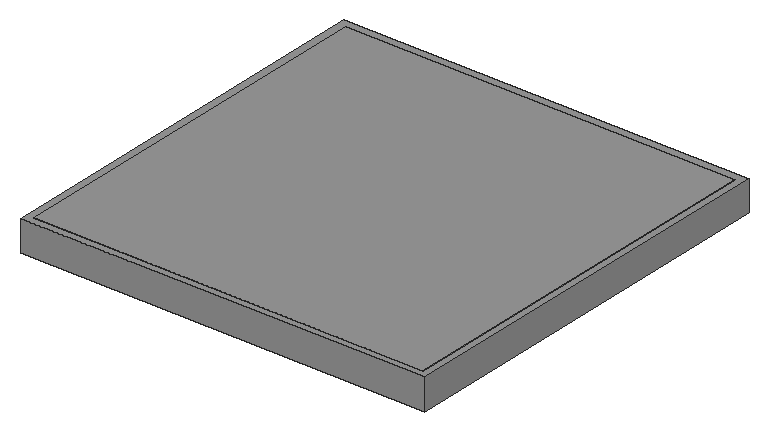
Revit family "ДВО-09 30 Вт Грильято DALI", category Осветительные приборы, Revit 2019 (continued)
Types (6, lengths in mm): name | Эффективность светильника | Файл фотометрической сетки | Тип рассеивателя | Световой поток модуля | built-in parameter 1150142 | Wattage | built-in parameter 1114217 | built-in parameter 1150134 | Lumens | built-in parameter 1150105 | Категория по ограничению яркости | built-in parameter 1150107 | built-in parameter 1150106 | Габаритная яркость | Артикул | URL
    3.2 433.1 432.9 432.7 432.4 432.1 431.8 431.4 431.1 430.8 430.4 429.9 429.3 428.9 428.3 427.7 427 426.4 425.7 424.9 424.2 423.4 422.6 421.7 420.8 420 418.9 417.9 416.7 415.7 414.4 413.2 411.7 410.5 409 407.7 405.9 404.5 402.7 401 399.2 397.4 395.2 393.5 391.2 389.1 386.6 384.2 381.6 379 375.9 373.2 370 367.1 363.4 360.2 356.5 353.1 349.1 345.7 341.6 338.1 333.8 330.2 326 322.4 317.9 314.3 310 306.4 302 298.4 294.3 290.9 286.6 283.3 279.2 275.8 271.8 268.2 264.3 260.7 256.5 252.9 248.8 245.2 240.8 237 232.7 229 224.7 221 216.7 212.8 208.6 204.9 200.6 196.7 192.4 188.6 184.2 180 175.4 171.2 166.5 162.1 157.2 152.8 147.8 143.5 138.5 134.3 129.5 125.3 120.8 117 112.6 108.7 104.7 101.2 97.4 93.9 90.3 87.1 83.6 80.6 77.2 74.4 71.3 68.5 65.7 63.2 60.6 58.5 56.2 54.4 52.3 50.7 49 47.5 46 44.7 43.6 42.7 41.5 40.7 39.8 38.9 38 37.1 36.1 35.2 34.2 33.2 32.1 31.2 30.1 29.1 28.1 27.3 26.2 25.3 24.2 23.1 21.8 20.5 18.9 17.4 15.6 14 12.3 10.8 9.1 7.7 6.2 5.2 4.1 3.6 3.3\r\n433.6 433.6 433.5 433.4 433.3 433.1 432.8 432.4 432.1 431.8 431.5 431.1 430.8 430.4 429.8 429.4 428.9 428.3 427.7 427.1 426.3 425.6 424.9 424.1 423.3 422.4 421.4 420.7 419.6 418.5 417.4 416.4 415.2 414.1 412.6 411.4 409.9 408.5 406.9 405.4 403.7 402.1 400.3 398.6 396.5 394.7 392.5 390.4 387.9 385.7 383.1 380.6 377.6 374.9 371.8 368.9 365.2 362.1 358.3 354.9 350.8 347.2 343 339.2 334.6 330.8 326.2 322.3 317.6 313.6 309.1 305.2 300.5 296.7 292.3 288.5 283.9 280.1 275.7 271.8 267.3 263.4 259 255.1 250.6 246.6 242.3 238.4 233.8 230 225.6 221.7 217.4 213.6 209.3 205.5 201.3 197.7 193.5 189.7 185.6 182 177.9 174.2 170 166.4 162.2 158.4 154.3 150.6 146.4 142.6 138.4 134.8 130.7 126.9 122.9 119.4 115.4 111.8 108 104.6 100.9 97.5 93.9 90.8 87.3 84.3 81 78.1 75 72.3 69.4 66.9 64.2 61.9 59.4 57.4 55.1 53.3 51.4 49.8 48.1 46.7 45.3 44.1 42.8 41.8 40.7 39.7 38.6 37.7 36.6 35.8 34.7 33.7 32.7 31.7 30.6 29.6 28.5 27.6 26.4 25.4 24.1 23 21.6 20.3 18.7 17.3 15.6 14.1 12.5 11.1 9.4 8.1 6.8 5.8 4.8 4.2 3.8\r\n433.7 433.7 433.8 433.8 433.7 433.4 433.2 432.8 432.5 432.2 431.9 431.5 431.2 430.8 430.3 429.9 429.5 428.9 428.3 427.7 427 426.3 425.6 424.8 423.9 423.2 422.1 421.3 420.2 419.2 418.2 417.1 416 414.9 413.5 412.3 410.9 409.4 407.8 406.4 404.7 403.2 401.4 399.8 397.7 395.9 393.8 391.8 389.2 387.2 384.6 382.2 379.2 376.6 373.5 370.7 367.1 363.9 360.2 356.7 352.5 348.7 344.3 340.3 335.5 331.3 326.5 322.3 317.2 313 308.3 304 299.1 295 290.2 286.1 281.1 276.9 272.1 267.8 262.8 258.6 253.7 249.6 244.6 240.3 235.8 231.7 226.9 223 218.5 214.5 210.1 206.2 202 198.1 194 190.4 186.3 182.7 178.8 175.4 171.6 168.3 164.6 161.5 158 154.8 151.3 148.4 144.9 141.7 138.3 135.3 131.8 128.5 125 121.9 118.2 114.9 111.2 108 104.4 101.1 97.6 94.5 91 88 84.7 81.9 78.8 76.1 73.1 70.6 67.7 65.3 62.7 60.5 57.9 55.9 53.8 52.1 50.2 48.6 47 45.6 44.1 42.9 41.7 40.5 39.3 38.3 37.2 36.3 35.2 34.3 33.2 32.2 31.1 30.1 28.9 27.8 26.6 25.5 24.1 22.9 21.4 20 18.5 17.2 15.6 14.2 12.6 11.3 9.8 8.4 7.3 6.3 5.5 4.8 4.3\r\n433.6 433.5 433.5 433.4 433.2 433 432.7 432.4 432.1 431.8 431.3 431 430.5 430.1 429.6 429.1 428.6 428 427.4 426.8 426 425.3 424.6 423.8 422.9 422.1 421 420.2 419.1 418.1 416.9 415.9 414.6 413.4 412 410.7 409.2 407.7 406 404.6 402.9 401.2 399.4 397.8 395.8 394 391.9 390 387.6 385.6 383.1 380.8 378 375.5 372.5 369.8 366.4 363.5 359.8 356.6 352.5 348.9 344.6 340.7 335.9 331.7 326.9 322.6 317.4 312.9 308 303.5 298.3 293.9 288.9 284.6 279.5 275.2 270.3 266.1 261.2 257.1 252.3 248.3 243.6 239.5 235.1 231.2 226.5 222.7 218.3 214.3 209.9 206.1 201.8 197.9 193.7 190.1 185.9 182.1 178 174.5 170.5 166.9 163 159.7 155.9 152.6 148.9 145.7 142.1 138.7 135.2 132.1 128.6 125.3 121.8 118.8 115.2 112.1 108.6 105.5 102.1 99 95.7 92.8 89.6 86.7 83.6 81 78 75.4 72.5 70.1 67.3 64.9 62.3 60.1 57.5 55.5 53.2 51.3 49.2 47.5 45.7 44.1 42.4 41 39.5 38.2 36.8 35.6 34.4 33.3 32.1 31 29.8 28.8 27.6 26.5 25.3 24.2 22.9 21.9 20.5 19.4 18 16.7 15.4 14.2 12.7 11.5 10.1 9 7.7 6.7 5.8 5.2 4.6 4.1 3.8\r\n433.4 433.2 433.1 432.9 432.7 432.5 432.2 432 431.6 431.3 430.8 430.5 429.9 429.4 428.8 428.4 427.8 427.1 426.4 425.8 425 424.3 423.6 422.7 421.9 421 419.9 419 417.9 417 415.6 414.6 413.2 412 410.4 409.1 407.5 405.9 404.3 402.7 401 399.2 397.4 395.8 393.9 392 390 388.2 385.9 383.9 381.5 379.4 376.7 374.4 371.5 369 365.7 363 359.5 356.5 352.5 349 344.9 341 336.3 332.2 327.3 322.9 317.5 312.9 307.6 303 297.5 292.8 287.6 283.2 277.8 273.4 268.5 264.4 259.6 255.5 251 247.1 242.6 238.7 234.4 230.6 226.2 222.3 218.1 214 209.8 206 201.7 197.8 193.5 189.7 185.4 181.5 177.3 173.5 169.3 165.6 161.5 157.9 153.9 150.3 146.4 143 139.2 135.8 132.1 128.9 125.3 122.1 118.7 115.7 112.2 109.2 105.9 103 99.8 97 93.8 91.1 88.2 85.4 82.5 80 77.2 74.6 71.9 69.6 66.9 64.6 62 59.7 57.2 55 52.6 50.5 48.2 46.3 44.3 42.5 40.6 39 37.3 36 34.3 33 31.6 30.3 29 27.8 26.5 25.4 24.1 22.9 21.7 20.6 19.3 18.2 17 15.9 14.6 13.4 12.2 11.1 9.8 8.7 7.6 6.6 5.7 5 4.3 4 3.7 3.5 3.4\r\n433.4 433.3 433.1 433 432.7 432.5 432.2 432 431.6 431.2 430.8 430.5 430 429.6 429.1 428.6 428.1 427.4 426.7 426 425.3 424.5 423.7 422.8 422 421.1 420.1 419.2 418.1 417.1 415.9 414.8 413.5 412.3 410.9 409.6 408.1 406.6 405 403.5 401.8 400.1 398.3 396.6 394.5 392.6 390.6 388.6 386.2 384.1 381.7 379.4 376.5 373.9 370.9 368.2 364.7 361.7 358.1 354.9 350.9 347.4 343.3 339.6 335.1 331.1 326.6 322.5 317.6 313.4 308.5 304.2 299.2 294.9 290 285.8 280.7 276.6 271.9 267.9 263.1 259.2 254.7 250.9 246.3 242.6 238.2 234.5 230 226.2 221.9 217.9 213.7 210 205.7 201.8 197.5 193.9 189.6 185.9 181.7 178 173.8 170 165.9 162.2 157.9 154.2 149.9 146.2 142 138.2 134 130.4 126.3 122.6 118.6 115.2 111.4 108 104.3 101.2 97.7 94.5 91.2 88.3 85.2 82.3 79.2 76.6 73.7 71.1 68.4 66.1 63.4 61.1 58.7 56.6 54.2 52.3 50.2 48.4 46.4 44.8 43.2 41.7 40.2 38.8 37.5 36.4 35.1 34 32.8 31.8 30.6 29.6 28.4 27.4 26.2 25.2 24.1 23.1 21.9 20.8 19.6 18.5 17.2 16 14.6 13.4 12 10.8 9.4 8.2 7 6 5 4.4 3.8 3.5 3.3\r\n433.4 433.4 433.2 433.1 432.8 432.5 432.2 431.9 431.6 431.2 430.8 430.5 430.2 429.8 429.4 428.8 428.3 427.7 426.9 426.2 425.5 424.7 423.8 422.9 422.2 421.2 420.2 419.3 418.3 417.2 416.2 415 413.9 412.7 411.3 410.1 408.7 407.3 405.7 404.2 402.6 400.9 399.1 397.3 395.2 393.3 391.1 389.1 386.6 384.3 381.8 379.3 376.2 373.5 370.3 367.3 363.7 360.4 356.7 353.4 349.3 345.8 341.8 338.2 333.9 330.1 325.9 322.2 317.6 313.8 309.4 305.5 300.9 297 292.4 288.4 283.6 279.8 275.3 271.3 266.6 262.8 258.4 254.6 250.1 246.4 242.1 238.4 233.9 230.1 225.7 221.8 217.6 213.9 209.6 205.8 201.6 198.1 193.9 190.2 186.1 182.5 178.4 174.5 170.3 166.4 162 158 153.4 149.4 144.8 140.5 135.9 131.8 127.3 123.1 118.6 114.8 110.6 106.7 102.8 99.3 95.5 92.1 88.6 85.5 82.1 79.1 75.9 73.3 70.3 67.6 64.8 62.5 59.8 57.7 55.4 53.5 51.2 49.6 47.7 46.3 44.5 43.3 42 40.9 39.7 38.7 37.7 36.9 35.9 35 34.1 33.2 32.2 31.4 30.3 29.4 28.4 27.5 26.4 25.6 24.4 23.4 22.2 21.1 19.7 18.5 17.1 15.7 14.2 12.8 11.3 9.8 8.2 7 5.7 4.8 4 3.5 3.3\r\n433.4 433.4 433.2 433.1 432.8 432.6 432.3 432 431.7 431.3 431 430.6 430.3 429.8 429.4 428.9 428.3 427.7 426.9 426.3 425.6 424.8 424 423.2 422.4 421.5 420.5 419.6 418.6 417.5 416.4 415.4 414.1 412.9 411.5 410.3 408.9 407.5 405.8 404.3 402.6 401 399.1 397.3 395.2 393.4 391.2 389.1 386.6 384.3 381.7 379.2 376.1 373.4 370.2 367.2 363.5 360.3 356.6 353.2 349.2 345.7 341.7 338.1 333.8 330.2 325.9 322.3 317.7 314.1 309.7 305.9 301.4 297.7 293.4 289.7 285.1 281.5 277.3 273.6 269.2 265.5 261.3 257.7 253.3 249.6 245.4 241.8 237.3 233.5 229.2 225.4 221.1 217.5 213.1 209.3 205.1 201.5 197.2 193.5 189.2 185.5 181.3 177.3 172.8 168.8 164.2 160 155.3 151.1 146.3 142 137.2 133.1 128.4 124.2 119.7 115.9 111.6 107.7 103.7 100.2 96.4 93 89.4 86.3 82.9 79.9 76.6 73.8 70.8 68.1 65.3 62.9 60.2 58.1 55.8 53.9 51.8 50.1 48.4 46.9 45.3 44 42.8 41.8 40.6 39.7 38.7 37.9 36.9 36.1 35.1 34.2 33.2 32.3 31.2 30.3 29.2 28.3 27.3 26.4 25.3 24.3 23.2 22.1 20.8 19.5 18 16.6 14.9 13.4 11.8 10.3 8.7 7.4 6 5 4 3.5 3.3\r\n433.4 433.4 433.2 433.1 432.9 432.7 432.4 432.1 431.8 431.4 431.1 430.8 430.4 429.9 429.3 428.9 428.3 427.7 427 426.4 425.7 424.9 424.2 423.4 422.6 421.7 420.8 420 418.9 417.9 416.7 415.7 414.3 413.2 411.7 410.5 409 407.7 405.9 404.5 402.7 401 399.2 397.4 395.3 393.5 391.3 389.1 386.6 384.3 381.6 379 375.9 373.2 370 367.1 363.4 360.2 356.5 353.1 349.1 345.7 341.6 338.1 333.8 330.2 326 322.4 317.9 314.3 310 306.4 302 298.4 294.3 290.9 286.6 283.3 279.2 275.8 271.8 268.2 264.3 260.7 256.5 252.9 248.8 245.2 240.8 237 232.7 229 224.6 221 216.7 212.8 208.6 204.9 200.6 196.7 192.4 188.6 184.2 180 175.4 171.2 166.5 162.1 157.2 152.8 147.8 143.5 138.5 134.3 129.5 125.3 120.8 117 112.6 108.7 104.7 101.2 97.4 93.9 90.3 87.1 83.7 80.6 77.2 74.4 71.3 68.5 65.7 63.2 60.6 58.5 56.2 54.4 52.3 50.7 49 47.4 46 44.7 43.6 42.7 41.5 40.7 39.8 38.9 38 37.1 36.1 35.2 34.2 33.2 32.1 31.2 30.1 29.1 28.1 27.3 26.2 25.3 24.2 23.1 21.8 20.5 18.9 17.4 15.6 14.1 12.3 10.8 9.1 7.7 6.2 5.2 4.1 3.6 3.3\r\n433.6 433.6 433.5 433.4 433.3 433.1 432.8 432.4 432.1 431.8 431.5 431.1 430.8 430.4 429.8 429.4 428.9 428.3 427.7 427.1 426.3 425.6 424.9 424.1 423.3 422.5 421.4 420.7 419.6 418.5 417.4 416.4 415.2 414.1 412.6 411.4 409.9 408.5 406.9 405.4 403.7 402.1 400.3 398.6 396.5 394.7 392.5 390.4 387.9 385.7 383.1 380.6 377.6 374.9 371.8 368.9 365.2 362.1 358.3 354.9 350.8 347.2 343 339.2 334.6 330.8 326.2 322.3 317.6 313.6 309.1 305.2 300.5 296.7 292.3 288.5 283.9 280.1 275.7 271.8 267.3 263.4 259 255.1 250.6 246.6 242.3 238.4 233.8 230 225.6 221.7 217.4 213.6 209.3 205.5 201.3 197.7 193.5 189.7 185.6 182 177.9 174.2 170 166.4 162.2 158.4 154.3 150.6 146.4 142.6 138.4 134.8 130.7 126.9 122.9 119.4 115.4 111.8 108 104.6 100.9 97.5 93.9 90.8 87.3 84.3 81 78.1 75 72.3 69.4 66.9 64.2 61.9 59.5 57.4 55.1 53.3 51.4 49.8 48.1 46.7 45.3 44.1 42.8 41.8 40.7 39.7 38.6 37.7 36.6 35.8 34.7 33.7 32.7 31.7 30.6 29.6 28.5 27.5 26.4 25.4 24.1 23 21.6 20.3 18.7 17.3 15.6 14.1 12.5 11.1 9.5 8.1 6.8 5.8 4.8 4.2 3.8\r\n433.7 433.7 433.8 433.8 433.7 433.4 433.2 432.8 432.5 432.2 431.9 431.5 431.2 430.8 430.3 429.9 429.5 428.9 428.3 427.7 427 426.3 425.6 424.8 423.9 423.2 422.1 421.3 420.2 419.2 418.2 417.1 416 414.9 413.5 412.3 410.9 409.4 407.8 406.4 404.7 403.2 401.4 399.8 397.7 395.9 393.8 391.8 389.2 387.2 384.6 382.2 379.2 376.6 373.5 370.7 367.1 363.9 360.2 356.7 352.5 348.7 344.3 340.3 335.5 331.3 326.5 322.3 317.2 313 308.3 304 299.1 295 290.2 286.1 281.1 276.9 272.1 267.8 262.8 258.6 253.7 249.6 244.6 240.3 235.8 231.7 226.9 223 218.5 214.5 210.1 206.2 202 198.1 194 190.4 186.3 182.7 178.8 175.4 171.6 168.3 164.6 161.5 158 154.8 151.3 148.4 144.9 141.7 138.3 135.3 131.8 128.5 125 121.9 118.2 114.9 111.2 108 104.4 101.1 97.6 94.5 91 88 84.7 81.9 78.8 76.1 73.1 70.6 67.7 65.3 62.7 60.5 57.9 55.9 53.8 52.1 50.2 48.6 47 45.6 44.1 42.9 41.7 40.5 39.3 38.3 37.2 36.3 35.2 34.3 33.2 32.2 31.1 30.1 28.9 27.8 26.6 25.5 24.1 22.9 21.4 20 18.5 17.2 15.6 14.2 12.6 11.3 9.8 8.4 7.3 6.3 5.5 4.8 4.3\r\n433.6 433.5 433.5 433.4 433.2 433 432.7 432.4 432.1 431.8 431.3 431 430.5 430.1 429.6 429.1 428.6 428 427.4 426.8 426 425.3 424.6 423.8 422.9 422.1 421 420.2 419.1 418.1 416.9 415.9 414.6 413.4 412 410.7 409.2 407.7 406 404.6 402.9 401.2 399.4 397.8 395.8 394 391.9 390 387.6 385.6 383.1 380.8 378 375.5 372.5 369.8 366.4 363.5 359.8 356.6 352.5 348.9 344.6 340.7 335.9 331.7 326.9 322.6 317.4 312.9 308 303.5 298.3 293.9 288.9 284.6 279.5 275.2 270.3 266.1 261.2 257.1 252.3 248.3 243.6 239.5 235.1 231.2 226.5 222.7 218.3 214.3 209.9 206.1 201.8 197.9 193.7 190.1 185.9 182.1 178 174.5 170.5 166.9 163 159.7 155.9 152.6 148.9 145.7 142.1 138.7 135.2 132.1 128.6 125.3 121.8 118.8 115.2 112.1 108.6 105.5 102.1 99 95.7 92.8 89.6 86.7 83.6 81 78 75.4 72.5 70.1 67.3 64.9 62.3 60.1 57.5 55.5 53.2 51.3 49.2 47.5 45.7 44.1 42.4 41 39.5 38.2 36.8 35.6 34.4 33.3 32.1 31 29.8 28.8 27.6 26.5 25.3 24.2 22.9 21.9 20.5 19.4 18 16.7 15.4 14.2 12.7 11.5 10.1 9 7.7 6.7 5.8 5.2 4.6 4.1 3.8\r\n433.4 433.2 433.1 432.9 432.7 432.5 432.2 432 431.6 431.3 430.8 430.5 429.9 429.4 428.8 428.4 427.8 427.1 426.4 425.8 425 424.3 423.6 422.7 421.9 421 419.9 419 417.9 417 415.6 414.6 413.2 412 410.4 409.1 407.5 405.9 404.3 402.7 401 399.2 397.4 395.8 393.9 392 390 388.2 385.9 383.9 381.5 379.4 376.7 374.4 371.5 369 365.7 363 359.5 356.5 352.5 349 344.9 341 336.3 332.2 327.3 322.9 317.5 312.9 307.6 303 297.5 292.8 287.6 283.2 277.8 273.4 268.5 264.4 259.6 255.5 251 247.1 242.6 238.7 234.4 230.6 226.2 222.3 218.1 214 209.8 206 201.7 197.8 193.5 189.7 185.4 181.5 177.3 173.5 169.3 165.6 161.5 157.9 153.9 150.3 146.4 143 139.2 135.8 132.1 128.9 125.3 122.1 118.7 115.7 112.2 109.2 105.9 103 99.8 97 93.8 91.1 88.2 85.4 82.5 80 77.2 74.6 71.9 69.6 66.9 64.6 62 59.7 57.2 55 52.6 50.5 48.2 46.3 44.3 42.5 40.6 39 37.3 36 34.3 33 31.6 30.3 29 27.8 26.5 25.4 24.1 22.9 21.7 20.6 19.3 18.2 17 15.9 14.6 13.4 12.2 11.1 9.8 8.7 7.6 6.6 5.7 5 4.3 4 3.7 3.5 3.4\r\n433.4 433.3 433.1 433 432.7 432.5 432.2 432 431.6 431.2 430.8 430.5 430 429.6 429.1 428.6 428.1 427.4 426.7 426 425.3 424.5 423.7 422.8 422 421.1 420.1 419.2 418.1 417.1 415.9 414.8 413.5 412.3 410.9 409.6 408.1 406.6 405 403.5 401.8 400.1 398.3 396.6 394.5 392.6 390.6 388.6 386.2 384.1 381.7 379.4 376.5 373.9 370.9 368.2 364.7 361.7 358.1 354.9 350.9 347.4 343.3 339.6 335.1 331.1 326.6 322.5 317.6 313.4 308.5 304.2 299.2 294.9 290 285.8 280.7 276.6 271.9 267.9 263.1 259.2 254.7 250.9 246.3 242.6 238.2 234.5 230 226.2 221.9 217.9 213.7 210 205.7 201.8 197.5 193.9 189.6 185.9 181.7 178 173.8 170 165.9 162.2 157.9 154.2 149.9 146.2 142 138.2 134 130.4 126.3 122.6 118.6 115.2 111.4 108 104.3 101.2 97.7 94.5 91.2 88.3 85.2 82.3 79.2 76.6 73.7 71.1 68.4 66.1 63.4 61.1 58.7 56.6 54.2 52.3 50.2 48.4 46.4 44.8 43.2 41.7 40.2 38.8 37.5 36.4 35.1 34 32.8 31.8 30.6 29.6 28.4 27.4 26.2 25.2 24.1 23.1 21.9 20.8 19.6 18.5 17.2 16 14.6 13.4 12 10.8 9.4 8.2 7 6 5 4.4 3.8 3.5 3.3\r\n433.4 433.4 433.2 433.1 432.8 432.5 432.2 431.9 431.6 431.2 430.8 430.5 430.2 429.8 429.4 428.8 428.3 427.7 426.9 426.2 425.5 424.7 423.8 422.9 422.2 421.2 420.2 419.3 418.3 417.2 416.2 415 413.9 412.7 411.3 410.1 408.7 407.3 405.7 404.2 402.6 400.9 399.1 397.3 395.2 393.3 391.1 389.1 386.6 384.3 381.8 379.3 376.2 373.5 370.3 367.3 363.7 360.4 356.7 353.4 349.3 345.8 341.8 338.2 333.9 330.1 325.9 322.2 317.6 313.8 309.4 305.5 300.9 297 292.4 288.4 283.6 279.8 275.3 271.3 266.6 262.8 258.4 254.6 250.1 246.4 242.1 238.4 233.9 230.1 225.7 221.8 217.6 213.9 209.6 205.8 201.6 198.1 193.9 190.2 186.1 182.5 178.4 174.5 170.3 166.4 162 158 153.4 149.4 144.8 140.5 135.9 131.8 127.3 123.1 118.6 114.8 110.6 106.7 102.8 99.3 95.5 92.1 88.6 85.5 82.1 79.1 75.9 73.3 70.3 67.6 64.8 62.5 59.8 57.7 55.4 53.5 51.2 49.6 47.7 46.3 44.5 43.3 42 40.9 39.7 38.7 37.7 36.9 35.9 35 34.1 33.2 32.2 31.4 30.3 29.4 28.4 27.5 26.4 25.6 24.4 23.4 22.2 21.1 19.7 18.5 17.1 15.7 14.2 12.8 11.3 9.8 8.2 7 5.7 4.8 4 3.5 3.3\r\n433.4 433.4 433.2 433.1 432.8 432.6 432.3 432 431.7 431.3 431 430.6 430.3 429.8 429.4 428.9 428.3 427.7 426.9 426.3 425.6 424.8 424 423.2 422.4 421.5 420.5 419.7 418.6 417.5 416.4 415.4 414.1 412.9 411.5 410.3 408.9 407.5 405.8 404.3 402.6 401 399.1 397.3 395.2 393.4 391.2 389.1 386.6 384.3 381.7 379.2 376.1 373.4 370.2 367.2 363.5 360.3 356.6 353.2 349.2 345.7 341.7 338.1 333.8 330.2 325.9 322.3 317.7 314.1 309.7 305.9 301.4 297.7 293.4 289.7 285.1 281.5 277.3 273.6 269.2 265.5 261.3 257.7 253.3 249.6 245.4 241.8 237.3 233.6 229.2 225.4 221.1 217.5 213.2 209.3 205.1 201.5 197.2 193.5 189.2 185.5 181.3 177.3 172.8 168.8 164.2 160 155.3 151.1 146.3 142 137.2 133 128.4 124.2 119.7 115.9 111.6 107.7 103.7 100.2 96.4 93 89.4 86.3 82.9 79.9 76.6 73.8 70.8 68.1 65.2 62.9 60.2 58.1 55.8 53.9 51.8 50.1 48.4 46.9 45.3 44 42.8 41.8 40.6 39.7 38.7 37.9 36.9 36.1 35.1 34.2 33.2 32.3 31.2 30.3 29.2 28.3 27.3 26.4 25.3 24.3 23.2 22.1 20.8 19.5 18 16.6 14.9 13.4 11.8 10.3 8.7 7.4 6 5 4 3.6 3.3\r\n433.4 433.4 433.2 433.1 432.9 432.7 432.4 432.1 431.8 431.4 431.1 430.8 430.4 429.9 429.3 428.9 428.3 427.7 427 426.4 425.7 424.9 424.2 423.4 422.6 421.7 420.8 420 418.9 417.9 416.7 415.7 414.4 413.2 411.7 410.5 409 
    407.7 405.9 404.5 402.7 401 399.2 397.4 395.2 393.5 391.2 389.1 386.6 384.2 381.6 379 375.9 373.2 370 367.1 363.4 360.2 356.5 353.1 349.1 345.7 341.6 338.1 333.8 330.2 326 322.4 317.9 314.3 310 306.4 302 298.4 294.3 290.9 286.6 283.3 279.2 275.8 271.8 268.2 264.3 260.7 256.5 252.9 248.8 245.2 240.8 237 232.7 229 224.7 221 216.7 212.8 208.6 204.9 200.6 196.7 192.4 188.6 184.2 180 175.4 171.2 166.5 162.1 157.2 152.8 147.8 143.5 138.5 134.3 129.5 125.3 120.8 117 112.6 108.7 104.7 101.2 97.4 93.9 90.3 87.1 83.6 80.6 77.2 74.4 71.3 68.5 65.7 63.2 60.6 58.5 56.2 54.4 52.3 50.7 49 47.5 46 44.7 43.6 42.7 41.5 40.7 39.8 38.9 38 37.1 36.1 35.2 34.2 33.2 32.1 31.2 30.1 29.1 28.1 27.3 26.2 25.3 24.2 23.1 21.8 20.5 18.9 17.4 15.6 14 12.3 10.8 9.1 7.7 6.2 5.2 4.1 3.6 3.3\r\n433.6 433.6 433.5 433.4 433.3 433.1 432.8 432.4 432.1 431.8 431.5 431.1 430.8 430.4 429.8 429.4 428.9 428.3 427.7 427.1 426.3 425.6 424.9 424.1 423.3 422.4 421.4 420.7 419.6 418.5 417.4 416.4 415.2 414.1 412.6 411.4 409.9 408.5 406.9 405.4 403.7 402.1 400.3 398.6 396.5 394.7 392.5 390.4 387.9 385.7 383.1 380.6 377.6 374.9 371.8 368.9 365.2 362.1 358.3 354.9 350.8 347.2 343 339.2 334.6 330.8 326.2 322.3 317.6 313.6 309.1 305.2 300.5 296.7 292.3 288.5 283.9 280.1 275.7 271.8 267.3 263.4 259 255.1 250.6 246.6 242.3 238.4 233.8 230 225.6 221.7 217.4 213.6 209.3 205.5 201.3 197.7 193.5 189.7 185.6 182 177.9 174.2 170 166.4 162.2 158.4 154.3 150.6 146.4 142.6 138.4 134.8 130.7 126.9 122.9 119.4 115.4 111.8 108 104.6 100.9 97.5 93.9 90.8 87.3 84.3 81 78.1 75 72.3 69.4 66.9 64.2 61.9 59.4 57.4 55.1 53.3 51.4 49.8 48.1 46.7 45.3 44.1 42.8 41.8 40.7 39.7 38.6 37.7 36.6 35.8 34.7 33.7 32.7 31.7 30.6 29.6 28.5 27.6 26.4 25.4 24.1 23 21.6 20.3 18.7 17.3 15.6 14.1 12.5 11.1 9.4 8.1 6.8 5.8 4.8 4.2 3.8\r\n433.7 433.7 433.8 433.8 433.7 433.4 433.2 432.8 432.5 432.2 431.9 431.5 431.2 430.8 430.3 429.9 429.5 428.9 428.3 427.7 427 426.3 425.6 424.8 423.9 423.2 422.1 421.3 420.2 419.2 418.2 417.1 416 414.9 413.5 412.3 410.9 409.4 407.8 406.4 404.7 403.2 401.4 399.8 397.7 395.9 393.8 391.8 389.2 387.2 384.6 382.2 379.2 376.6 373.5 370.7 367.1 363.9 360.2 356.7 352.5 348.7 344.3 340.3 335.5 331.3 326.5 322.3 317.2 313 308.3 304 299.1 295 290.2 286.1 281.1 276.9 272.1 267.8 262.8 258.6 253.7 249.6 244.6 240.3 235.8 231.7 226.9 223 218.5 214.5 210.1 206.2 202 198.1 194 190.4 186.3 182.7 178.8 175.4 171.6 168.3 164.6 161.5 158 154.8 151.3 148.4 144.9 141.7 138.3 135.3 131.8 128.5 125 121.9 118.2 114.9 111.2 108 104.4 101.1 97.6 94.5 91 88 84.7 81.9 78.8 76.1 73.1 70.6 67.7 65.3 62.7 60.5 57.9 55.9 53.8 52.1 50.2 48.6 47 45.6 44.1 42.9 41.7 40.5 39.3 38.3 37.2 36.3 35.2 34.3 33.2 32.2 31.1 30.1 28.9 27.8 26.6 25.5 24.1 22.9 21.4 20 18.5 17.2 15.6 14.2 12.6 11.3 9.8 8.4 7.3 6.3 5.5 4.8 4.3\r\n" | 28.948 W | 0.93 (stored number, unit not read) | (empty or 0) | 4300 lm | 342.18 (stored number, unit not read) | "3" | 3000 (stored number, unit not read) | 3.4218 (stored number, unit not read) | "" | "14938" | "http://innolux.pro/katalog/upravlenie-osveshheniem/dvo-09-30-vt-grilyato-dali/14938.html"
